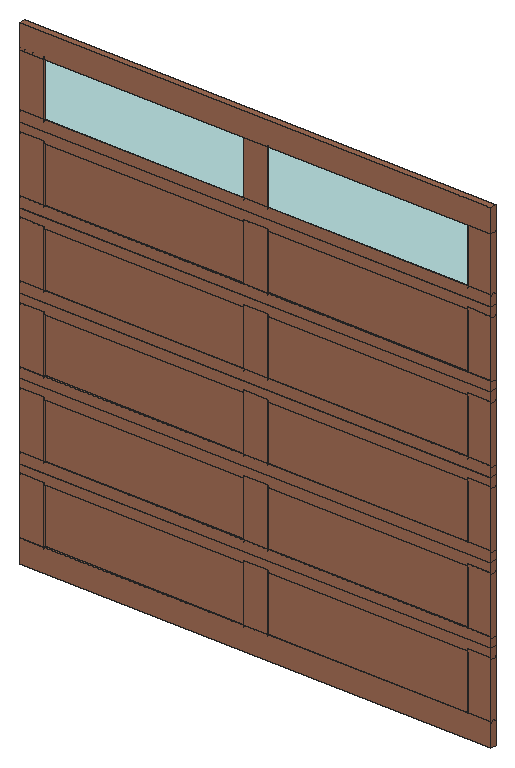
Revit family "GSNGL E 10P GT CRV", category Doors, host Wall, Revit 2013
Parameters
  Function = Interior
  Frame Projection Ext. = 25 mm
  Frame Projection Int. = 25 mm
  Frame Width = 75 mm
  Height = 2535 mm
  Wall Closure = By host
  Width = 2440 mm
Reference planes
  plane 1: y = 0
  plane 2 "Center (Left/Right)": x = 0
  plane 3 "Left": x = -1220
  plane 4 "Right": x = 1220
  plane 5: z = 2535
  plane 6 "Exterior": y = 75
  plane 7 "Interior": y = -75
  plane 8 "Garage Bottom": y = 75
  plane 9 "Garage Left": x = 1250
  plane 10 "Garage Right": x = -1250
  plane 11 "Garage Top": z = 2100
  plane 12: z = 476
  plane 13: z = 882
  plane 14: z = 1288
  plane 15: z = 1694
  plane 16: z = 2570
Forms (mm)
  Sweep 1, solid, material "Garage Wood"
    path origin (2744.172, 120, 2099.954) x (1, 0, 0) y (0, 1, 0)
      loop
        line (-3994.172, -225) -> (-1494.172, -225)
    profile "Van Acht 55.5x30 Garage Rail : Van Acht 55.5x30 Garage Rail" origin (0, -105, 2099.954) x (0, 1, 0) y (0, 0, 1)
      loop
        line (0, 0.046) -> (30, 0.046) -> (30, 46.546) -> (28, 46.546)
        arc (28, 46.546) -> (25.296, 51.527) -> (20, 53.546) r 8.162
        line (20, 53.546) -> (20, 55.546) -> (0, 55.546) -> (0, 0.046)
  Extrusion 2, solid, material "Garage Wood"
    sketch origin (0, 0, 400) x (0, -1, 0) y (0, 0, -1)
      loop
        line (105, -2045) -> (85, -2045) -> (85, -2047)
        arc (85, -2047) -> (79.704, -2049.019) -> (77, -2054) r 8.162
        line (77, -2054) -> (75, -2054) -> (75, -2170) -> (105, -2170) -> (105, -2045)
    from -1250 to 1250
  Extrusion 3, solid, material "Garage Glass"
    sketch origin (3947.972, -275, 1694) x (1, 0, 0) y (0, 1, 0)
      loop
        line (-5072.972, 175) -> (-4010.472, 175) -> (-4010.472, 185) -> (-5072.972, 185) -> (-5072.972, 175)
      loop
        line (-2822.972, 175) -> (-2822.972, 185) -> (-3885.472, 185) -> (-3885.472, 175) -> (-2822.972, 175)
    from 461.5 to 751
  Sweep 4, solid, material "Garage Wood"
    path origin (2744.172, 120, 1287.954) x (1, 0, 0) y (0, 1, 0)
      loop
        line (-3994.172, -225) -> (-1494.172, -225)
    profile "Van Acht 55.5x30 Garage Rail : Van Acht 55.5x30 Garage Rail" origin (0, -105, 1287.954) x (0, 1, 0) y (0, 0, 1)
      loop
        line (0, 0.046) -> (30, 0.046) -> (30, 46.546) -> (28, 46.546)
        arc (28, 46.546) -> (25.296, 51.527) -> (20, 53.546) r 8.162
        line (20, 53.546) -> (20, 55.546) -> (0, 55.546) -> (0, 0.046)
  Extrusion 5, solid, material "Garage Wood"
    sketch origin (0, 0, 0) x (0, -1, 0) y (0, 0, -1)
      loop
        line (105, -1694.046) -> (105, -1638.546) -> (85, -1638.546) -> (85, -1640.546)
        arc (85, -1640.546) -> (79.704, -1642.565) -> (77, -1647.546) r 8.162
        line (77, -1647.546) -> (75, -1647.546) -> (75, -1694.046) -> (105, -1694.046)
    from -1250 to 1250
  Sweep 6, solid, material "Garage Wood"
    path origin (2744.172, 120, 881.954) x (1, 0, 0) y (0, 1, 0)
      loop
        line (-3994.172, -225) -> (-1494.172, -225)
    profile "Van Acht 55.5x30 Garage Rail : Van Acht 55.5x30 Garage Rail" origin (0, -105, 881.954) x (0, 1, 0) y (0, 0, 1)
      loop
        line (0, 0.046) -> (30, 0.046) -> (30, 46.546) -> (28, 46.546)
        arc (28, 46.546) -> (25.296, 51.527) -> (20, 53.546) r 8.162
        line (20, 53.546) -> (20, 55.546) -> (0, 55.546) -> (0, 0.046)
  Extrusion 7, solid, material "Garage Wood"
    sketch origin (0, 0, -406) x (0, -1, 0) y (0, 0, -1)
      loop
        line (105, -1694.046) -> (105, -1638.546) -> (85, -1638.546) -> (85, -1640.546)
        arc (85, -1640.546) -> (79.704, -1642.565) -> (77, -1647.546) r 8.162
        line (77, -1647.546) -> (75, -1647.546) -> (75, -1694.046) -> (105, -1694.046)
    from -1250 to 1250
  Sweep 8, solid, material "Garage Wood"
    path origin (2744.172, 120, 475.954) x (1, 0, 0) y (0, 1, 0)
      loop
        line (-3994.172, -225) -> (-1494.172, -225)
    profile "Van Acht 55.5x30 Garage Rail : Van Acht 55.5x30 Garage Rail" origin (0, -105, 475.954) x (0, 1, 0) y (0, 0, 1)
      loop
        line (0, 0.046) -> (30, 0.046) -> (30, 46.546) -> (28, 46.546)
        arc (28, 46.546) -> (25.296, 51.527) -> (20, 53.546) r 8.162
        line (20, 53.546) -> (20, 55.546) -> (0, 55.546) -> (0, 0.046)
  Extrusion 9, solid, material "Garage Wood"
    sketch origin (0, 0, -812) x (0, -1, 0) y (0, 0, -1)
      loop
        line (105, -1694.046) -> (105, -1638.546) -> (85, -1638.546) -> (85, -1640.546)
        arc (85, -1640.546) -> (79.704, -1642.565) -> (77, -1647.546) r 8.162
        line (77, -1647.546) -> (75, -1647.546) -> (75, -1694.046) -> (105, -1694.046)
    from -1250 to 1250
  Extrusion 10, solid, material "Garage Wood"
    sketch origin (0, 0, -1218) x (0, -1, 0) y (0, 0, -1)
      loop
        line (105, -1694.046) -> (105, -1638.546) -> (85, -1638.546) -> (85, -1640.546)
        arc (85, -1640.546) -> (79.704, -1642.565) -> (77, -1647.546) r 8.162
        line (77, -1647.546) -> (75, -1647.546) -> (75, -1694.046) -> (105, -1694.046)
    from -1250 to 1250
  Extrusion 11, solid, material "Garage Wood"
    sketch origin (0, 0, 2169.454) x (0, -1, 0) y (0, 0, -1)
      loop
        line (105, 2045) -> (105, 2169.454) -> (75, 2169.454) -> (75, 2053.454) -> (77.097, 2053.454)
        arc (77.097, 2053.454) -> (79.86, 2048.739) -> (84.988, 2046.852) r 8.098
        line (84.988, 2046.852) -> (84.988, 2045) -> (105, 2045)
    from -1250 to 1250
  Extrusion 12, solid, material "Garage Wood"
    sketch origin (3964.172, 300, 2085) x (1, 0, 0) y (0, 1, 0)
      loop
        arc (-5091.172, -385) -> (-5093.191, -379.704) -> (-5098.172, -377) r 8.162
        line (-5098.172, -377) -> (-5098.172, -375) -> (-5214.172, -375) -> (-5214.172, -405) -> (-5089.172, -405) -> (-5089.172, -385) -> (-5091.172, -385)
      loop
        line (-2837.172, -385) -> (-2839.172, -385) -> (-2839.172, -405) -> (-2714.172, -405) -> (-2714.172, -375) -> (-2830.172, -375) -> (-2830.172, -377)
        arc (-2830.172, -377) -> (-2835.153, -379.704) -> (-2837.172, -385) r 8.162
      loop
        arc (-3903.672, -385) -> (-3905.691, -379.704) -> (-3910.672, -377) r 8.162
        line (-3910.672, -377) -> (-3910.672, -375) -> (-4017.672, -375) -> (-4017.672, -377)
        arc (-4017.672, -377) -> (-4022.653, -379.704) -> (-4024.672, -385) r 8.162
        line (-4024.672, -385) -> (-4026.672, -385) -> (-4026.672, -405) -> (-3901.672, -405) -> (-3901.672, -385) -> (-3903.672, -385)
    from 61.5 to 369
  Extrusion 13, solid, material "Garage Wood"
    sketch origin (3947.972, -275, 69.546) x (1, 0, 0) y (0, 1, 0)
      loop
        line (-5072.972, 175) -> (-4010.472, 175) -> (-4010.472, 185) -> (-5072.972, 185) -> (-5072.972, 175)
      loop
        line (-2822.972, 175) -> (-2822.972, 185) -> (-3885.472, 185) -> (-3885.472, 175) -> (-2822.972, 175)
    from 54.909 to 351
  Extrusion 14, solid, material "Garage Wood"
    sketch origin (3964.172, 300, 60.546) x (1, 0, 0) y (0, 1, 0)
      loop
        arc (-5091.172, -385) -> (-5093.191, -379.704) -> (-5098.172, -377) r 8.162
        line (-5098.172, -377) -> (-5098.172, -375) -> (-5214.172, -375) -> (-5214.172, -405) -> (-5089.172, -405) -> (-5089.172, -385) -> (-5091.172, -385)
      loop
        line (-2837.172, -385) -> (-2839.172, -385) -> (-2839.172, -405) -> (-2714.172, -405) -> (-2714.172, -375) -> (-2830.172, -375) -> (-2830.172, -377)
        arc (-2830.172, -377) -> (-2835.153, -379.704) -> (-2837.172, -385) r 8.162
      loop
        arc (-3903.672, -385) -> (-3905.691, -379.704) -> (-3910.672, -377) r 8.162
        line (-3910.672, -377) -> (-3910.672, -375) -> (-4017.672, -375) -> (-4017.672, -377)
        arc (-4017.672, -377) -> (-4022.653, -379.704) -> (-4024.672, -385) r 8.162
        line (-4024.672, -385) -> (-4026.672, -385) -> (-4026.672, -405) -> (-3901.672, -405) -> (-3901.672, -385) -> (-3903.672, -385)
    from 55.546 to 369
  Extrusion 15, solid, material "Garage Wood"
    sketch origin (3947.972, -275, 475.546) x (1, 0, 0) y (0, 1, 0)
      loop
        line (-5072.972, 175) -> (-4010.472, 175) -> (-4010.472, 185) -> (-5072.972, 185) -> (-5072.972, 175)
      loop
        line (-2822.972, 175) -> (-2822.972, 185) -> (-3885.472, 185) -> (-3885.472, 175) -> (-2822.972, 175)
    from 55.954 to 351
  Extrusion 16, solid, material "Garage Wood"
    sketch origin (3964.172, 300, 466.546) x (1, 0, 0) y (0, 1, 0)
      loop
        arc (-5091.172, -385) -> (-5093.191, -379.704) -> (-5098.172, -377) r 8.162
        line (-5098.172, -377) -> (-5098.172, -375) -> (-5214.172, -375) -> (-5214.172, -405) -> (-5089.172, -405) -> (-5089.172, -385) -> (-5091.172, -385)
      loop
        line (-2837.172, -385) -> (-2839.172, -385) -> (-2839.172, -405) -> (-2714.172, -405) -> (-2714.172, -375) -> (-2830.172, -375) -> (-2830.172, -377)
        arc (-2830.172, -377) -> (-2835.153, -379.704) -> (-2837.172, -385) r 8.162
      loop
        arc (-3903.672, -385) -> (-3905.691, -379.704) -> (-3910.672, -377) r 8.162
        line (-3910.672, -377) -> (-3910.672, -375) -> (-4017.672, -375) -> (-4017.672, -377)
        arc (-4017.672, -377) -> (-4022.653, -379.704) -> (-4024.672, -385) r 8.162
        line (-4024.672, -385) -> (-4026.672, -385) -> (-4026.672, -405) -> (-3901.672, -405) -> (-3901.672, -385) -> (-3903.672, -385)
    from 55.954 to 369
  Extrusion 17, solid, material "Garage Wood"
    sketch origin (3947.972, -275, 881.546) x (1, 0, 0) y (0, 1, 0)
      loop
        line (-5072.972, 175) -> (-4010.472, 175) -> (-4010.472, 185) -> (-5072.972, 185) -> (-5072.972, 175)
      loop
        line (-2822.972, 175) -> (-2822.972, 185) -> (-3885.472, 185) -> (-3885.472, 175) -> (-2822.972, 175)
    from 55.954 to 351
  Extrusion 18, solid, material "Garage Wood"
    sketch origin (3964.172, 300, 872.546) x (1, 0, 0) y (0, 1, 0)
      loop
        arc (-5091.172, -385) -> (-5093.191, -379.704) -> (-5098.172, -377) r 8.162
        line (-5098.172, -377) -> (-5098.172, -375) -> (-5214.172, -375) -> (-5214.172, -405) -> (-5089.172, -405) -> (-5089.172, -385) -> (-5091.172, -385)
      loop
        line (-2837.172, -385) -> (-2839.172, -385) -> (-2839.172, -405) -> (-2714.172, -405) -> (-2714.172, -375) -> (-2830.172, -375) -> (-2830.172, -377)
        arc (-2830.172, -377) -> (-2835.153, -379.704) -> (-2837.172, -385) r 8.162
      loop
        arc (-3903.672, -385) -> (-3905.691, -379.704) -> (-3910.672, -377) r 8.162
        line (-3910.672, -377) -> (-3910.672, -375) -> (-4017.672, -375) -> (-4017.672, -377)
        arc (-4017.672, -377) -> (-4022.653, -379.704) -> (-4024.672, -385) r 8.162
        line (-4024.672, -385) -> (-4026.672, -385) -> (-4026.672, -405) -> (-3901.672, -405) -> (-3901.672, -385) -> (-3903.672, -385)
    from 55.954 to 369
  Extrusion 19, solid, material "Garage Wood"
    sketch origin (3947.972, -275, 1287.546) x (1, 0, 0) y (0, 1, 0)
      loop
        line (-5072.972, 175) -> (-4010.472, 175) -> (-4010.472, 185) -> (-5072.972, 185) -> (-5072.972, 175)
      loop
        line (-2822.972, 175) -> (-2822.972, 185) -> (-3885.472, 185) -> (-3885.472, 175) -> (-2822.972, 175)
    from 55.954 to 351
  Extrusion 20, solid, material "Garage Wood"
    sketch origin (3964.172, 300, 1278.546) x (1, 0, 0) y (0, 1, 0)
      loop
        arc (-5091.172, -385) -> (-5093.191, -379.704) -> (-5098.172, -377) r 8.162
        line (-5098.172, -377) -> (-5098.172, -375) -> (-5214.172, -375) -> (-5214.172, -405) -> (-5089.172, -405) -> (-5089.172, -385) -> (-5091.172, -385)
      loop
        line (-2837.172, -385) -> (-2839.172, -385) -> (-2839.172, -405) -> (-2714.172, -405) -> (-2714.172, -375) -> (-2830.172, -375) -> (-2830.172, -377)
        arc (-2830.172, -377) -> (-2835.153, -379.704) -> (-2837.172, -385) r 8.162
      loop
        arc (-3903.672, -385) -> (-3905.691, -379.704) -> (-3910.672, -377) r 8.162
        line (-3910.672, -377) -> (-3910.672, -375) -> (-4017.672, -375) -> (-4017.672, -377)
        arc (-4017.672, -377) -> (-4022.653, -379.704) -> (-4024.672, -385) r 8.162
        line (-4024.672, -385) -> (-4026.672, -385) -> (-4026.672, -405) -> (-3901.672, -405) -> (-3901.672, -385) -> (-3903.672, -385)
    from 55.954 to 369
  Sweep 21, solid, material "Garage Wood"
    path origin (2744.172, 120, 1693.909) x (1, 0, 0) y (0, 1, 0)
      loop
        line (-3994.172, -225) -> (-1494.172, -225)
    profile "Van Acht 55.5x30 Garage Rail : Van Acht 55.5x30 Garage Rail" origin (0, -105, 1693.909) x (0, 1, 0) y (0, 0, 1)
      loop
        line (0, 0.046) -> (30, 0.046) -> (30, 46.546) -> (28, 46.546)
        arc (28, 46.546) -> (25.296, 51.527) -> (20, 53.546) r 8.162
        line (20, 53.546) -> (20, 55.546) -> (0, 55.546) -> (0, 0.046)
  Extrusion 22, solid, material "Garage Wood"
    sketch origin (0, 0, 405.954) x (0, -1, 0) y (0, 0, -1)
      loop
        line (105, -1694.046) -> (105, -1638.546) -> (85, -1638.546) -> (85, -1640.546)
        arc (85, -1640.546) -> (79.704, -1642.565) -> (77, -1647.546) r 8.162
        line (77, -1647.546) -> (75, -1647.546) -> (75, -1694.046) -> (105, -1694.046)
    from -1250 to 1250
  Extrusion 23, solid, material "Garage Wood"
    sketch origin (3947.972, -275, 1693.5) x (1, 0, 0) y (0, 1, 0)
      loop
        line (-5072.972, 175) -> (-4010.472, 175) -> (-4010.472, 185) -> (-5072.972, 185) -> (-5072.972, 175)
      loop
        line (-2822.972, 175) -> (-2822.972, 185) -> (-3885.472, 185) -> (-3885.472, 175) -> (-2822.972, 175)
    from 55.954 to 351
  Extrusion 24, solid, material "Garage Wood"
    sketch origin (3964.172, 300, 1684.5) x (1, 0, 0) y (0, 1, 0)
      loop
        arc (-5091.172, -385) -> (-5093.191, -379.704) -> (-5098.172, -377) r 8.162
        line (-5098.172, -377) -> (-5098.172, -375) -> (-5214.172, -375) -> (-5214.172, -405) -> (-5089.172, -405) -> (-5089.172, -385) -> (-5091.172, -385)
      loop
        line (-2837.172, -385) -> (-2839.172, -385) -> (-2839.172, -405) -> (-2714.172, -405) -> (-2714.172, -375) -> (-2830.172, -375) -> (-2830.172, -377)
        arc (-2830.172, -377) -> (-2835.153, -379.704) -> (-2837.172, -385) r 8.162
      loop
        arc (-3903.672, -385) -> (-3905.691, -379.704) -> (-3910.672, -377) r 8.162
        line (-3910.672, -377) -> (-3910.672, -375) -> (-4017.672, -375) -> (-4017.672, -377)
        arc (-4017.672, -377) -> (-4022.653, -379.704) -> (-4024.672, -385) r 8.162
        line (-4024.672, -385) -> (-4026.672, -385) -> (-4026.672, -405) -> (-3901.672, -405) -> (-3901.672, -385) -> (-3903.672, -385)
    from 55.954 to 369
Lines and regions (mm)
  Opening 1
    outline origin (-3050, -75, 0) x (1, 0, 0) y (0, 0, 1)
      loop
        line (1830, 0) -> (4270, 0) -> (4270, 2535) -> (1830, 2535) -> (1830, 0)
  symbolic lines, style "Elevation Swing"
    curve 1: line (-1250, -105, 1694) -> (-1250, -2275, 1694)
    curve 2: line (-1250, -2275, 1694) -> (1250, -2275, 1694)
    curve 3: line (1250, -2275, 1694) -> (1250, -105, 1694)
Text (mm)
  text "Exterior" at (-2295.016, 1099.543, 0), in view "Ref. Level"
  text "Exterior" at (0, 1615.38, 3698.081), in view "Left"
  text "Exterior" at (0, 1036.032, 3874.932), in view "Right"
Dimensions and locks
  equal spacing: plane 3 "Left", plane 2 "Center (Left/Right)", plane 4 "Right"
  "Width": plane 3 "Left" to plane 4 "Right"
  "Height": plane 5 to host wall
  host wall to plane 5 = 2535 mm  (x2)
  locked: plane 6 "Exterior" to host wall at 0
  locked: plane 7 "Interior" to host wall
  plane 3 "Left" to plane 4 "Right" = 2440 mm
  plane 10 "Garage Right" to plane 9 "Garage Left" = 2500 mm
  plane 11 "Garage Top" to plane 15 to plane 14 to plane 13 to plane 12 to level = 406 mm, 406 mm, 406 mm, 406 mm, 476 mm
  plane 16 to plane 11 "Garage Top" = 470 mm
  aligned and locked: plane 3 "Left" to Opening 1 sketch curve
  aligned and locked: plane 5 to Opening 1 sketch curve  (x2)
  aligned and locked: Opening 1 sketch curve to plane 4 "Right"
  aligned and locked: Opening 1 sketch curve to level
  aligned and locked: host wall to plane 1
  aligned and locked: Extrusion 10 to plane 10 "Garage Right"
  aligned and locked: Extrusion 9 to plane 10 "Garage Right"
  aligned and locked: Extrusion 7 to plane 10 "Garage Right"
  aligned and locked: Extrusion 5 to plane 10 "Garage Right"
  aligned and locked: Extrusion 2 to plane 10 "Garage Right"
  aligned and locked: Extrusion 11 to plane 10 "Garage Right"
  aligned and locked: Extrusion 11 to plane 9 "Garage Left"
  aligned and locked: Extrusion 2 to plane 9 "Garage Left"
  aligned and locked: Extrusion 5 to plane 9 "Garage Left"
  aligned and locked: Extrusion 9 to plane 9 "Garage Left"
  aligned and locked: Extrusion 10 to plane 9 "Garage Left"
  aligned and locked: Extrusion 7 to plane 9 "Garage Left"
  aligned and locked: Extrusion 12 to Extrusion 2
  aligned and locked: Extrusion 3 to Extrusion 12  (x4)
  aligned and locked: Extrusion 3 to Extrusion 2
  aligned and locked: Extrusion 3 to Sweep 1
  aligned and locked: Extrusion 13 to Extrusion 14  (x4)
  aligned and locked: Extrusion 15 to Extrusion 16  (x4)
  aligned and locked: Extrusion 15 to Sweep 8
  aligned and locked: Extrusion 16 to Extrusion 9
  aligned and locked: Extrusion 16 to Sweep 8
  aligned and locked: Extrusion 15 to Extrusion 9
  aligned and locked: Extrusion 17 to Extrusion 18  (x4)
  aligned and locked: Extrusion 19 to Extrusion 20  (x4)
  aligned and locked: Extrusion 23 to Extrusion 24  (x4)
Automatic sketch dimensions
  Sweep 1 sketch curve to plane 10 "Garage Right" = 0 mm
  Sweep 1 sketch curve to plane 9 "Garage Left" = 0 mm
  plane 7 "Interior" to Sweep 1 sketch curve = 30 mm
  Extrusion 2 sketch curve to host wall = 0 mm
  Extrusion 2 sketch curve to host wall = 10 mm
  Extrusion 2 sketch curve to plane 5 = 90 mm
  Extrusion 2 sketch curve to Extrusion 2 sketch curve = 2 mm  (x2)
  Extrusion 2 sketch curve to Extrusion 2 sketch curve = 20 mm
  Extrusion 2 sketch curve to Extrusion 2 sketch curve = 8.079 mm
  Extrusion 2 sketch curve to Extrusion 2 sketch curve = 7 mm
  plane 5 to Extrusion 2 sketch curve = 35 mm
  host wall to Extrusion 3 sketch curve = 25 mm  (x2)
  Extrusion 3 sketch curve to plane 3 "Left" = 95 mm
  Extrusion 3 sketch curve to plane 2 "Center (Left/Right)" = 62.5 mm
  plane 2 "Center (Left/Right)" to Extrusion 3 sketch curve = 62.5 mm
  plane 4 "Right" to Extrusion 3 sketch curve = 95 mm
  Extrusion 3 sketch curve to Extrusion 3 sketch curve = 10 mm  (x2)
  Sweep 4 sketch curve to plane 10 "Garage Right" = 0 mm
  Sweep 4 sketch curve to plane 9 "Garage Left" = 0 mm
  plane 7 "Interior" to Sweep 4 sketch curve = 30 mm
  Extrusion 5 sketch curve to host wall = 0 mm
  Extrusion 5 sketch curve to host wall = 10 mm
  plane 15 to Extrusion 5 sketch curve = 55.454 mm
  Extrusion 5 sketch curve to host wall = 2 mm
  Extrusion 5 sketch curve to plane 15 = 0.046 mm
  Extrusion 5 sketch curve to host wall = 30 mm
  Extrusion 5 sketch curve to Extrusion 5 sketch curve = 0.079 mm
  Extrusion 5 sketch curve to Extrusion 5 sketch curve = 2 mm
  Extrusion 5 sketch curve to Extrusion 5 sketch curve = 7 mm
  Sweep 6 sketch curve to plane 10 "Garage Right" = 0 mm
  Sweep 6 sketch curve to plane 9 "Garage Left" = 0 mm
  plane 7 "Interior" to Sweep 6 sketch curve = 30 mm
  Extrusion 7 sketch curve to host wall = 0 mm
  Extrusion 7 sketch curve to host wall = 10 mm
  plane 14 to Extrusion 7 sketch curve = 55.454 mm
  Extrusion 7 sketch curve to host wall = 2 mm
  Extrusion 7 sketch curve to plane 14 = 0.046 mm
  Extrusion 7 sketch curve to host wall = 30 mm
  Extrusion 7 sketch curve to Extrusion 7 sketch curve = 0.079 mm
  Extrusion 7 sketch curve to Extrusion 7 sketch curve = 2 mm
  Extrusion 7 sketch curve to Extrusion 7 sketch curve = 7 mm
  Sweep 8 sketch curve to plane 10 "Garage Right" = 0 mm
  Sweep 8 sketch curve to plane 9 "Garage Left" = 0 mm
  plane 7 "Interior" to Sweep 8 sketch curve = 30 mm
  Extrusion 9 sketch curve to host wall = 0 mm
  Extrusion 9 sketch curve to host wall = 10 mm
  plane 13 to Extrusion 9 sketch curve = 55.454 mm
  Extrusion 9 sketch curve to host wall = 2 mm
  Extrusion 9 sketch curve to plane 13 = 0.046 mm
  Extrusion 9 sketch curve to host wall = 30 mm
  Extrusion 9 sketch curve to Extrusion 9 sketch curve = 0.079 mm
  Extrusion 9 sketch curve to Extrusion 9 sketch curve = 2 mm
  Extrusion 9 sketch curve to Extrusion 9 sketch curve = 7 mm
  Extrusion 10 sketch curve to host wall = 0 mm
  Extrusion 10 sketch curve to host wall = 10 mm
  plane 12 to Extrusion 10 sketch curve = 55.454 mm
  Extrusion 10 sketch curve to host wall = 2 mm
  Extrusion 10 sketch curve to plane 12 = 0.046 mm
  Extrusion 10 sketch curve to host wall = 30 mm
  Extrusion 10 sketch curve to Extrusion 10 sketch curve = 0.079 mm
  Extrusion 10 sketch curve to Extrusion 10 sketch curve = 2 mm
  Extrusion 10 sketch curve to Extrusion 10 sketch curve = 7 mm
  Extrusion 11 sketch curve to host wall = 0 mm
  Extrusion 11 sketch curve to level = 0 mm
  host wall to Extrusion 11 sketch curve = 9.988 mm
  level to Extrusion 11 sketch curve = 124.454 mm
  Extrusion 11 sketch curve to Extrusion 11 sketch curve = 2.097 mm
  Extrusion 11 sketch curve to Extrusion 11 sketch curve = 20.012 mm
  Extrusion 11 sketch curve to Extrusion 11 sketch curve = 0.068 mm
  Extrusion 11 sketch curve to Extrusion 11 sketch curve = 1.852 mm
  Extrusion 11 sketch curve to Extrusion 11 sketch curve = 6.602 mm
  curve 1 to plane 10 "Garage Right" = 0 mm
  curve 2 to plane 9 "Garage Left" = 0 mm
  host wall to curve 1 = 2200 mm
  host wall to curve 3 = 30 mm
  host wall to curve 1 = 30 mm
  Extrusion 12 sketch curve to plane 10 "Garage Right" = 0 mm
  host wall to Extrusion 12 sketch curve = 0 mm  (x3)
  Extrusion 12 sketch curve to plane 9 "Garage Left" = 0 mm
  host wall to Extrusion 12 sketch curve = 30 mm  (x3)
  Extrusion 12 sketch curve to plane 3 "Left" = 86 mm
  Extrusion 12 sketch curve to Extrusion 12 sketch curve = 7 mm  (x4)
  Extrusion 12 sketch curve to Extrusion 12 sketch curve = 2 mm  (x5)
  Extrusion 12 sketch curve to plane 2 "Center (Left/Right)" = 62.5 mm
  host wall to Extrusion 12 sketch curve = 2 mm  (x3)
  plane 2 "Center (Left/Right)" to Extrusion 12 sketch curve = 53.5 mm
  host wall to Extrusion 12 sketch curve = 10 mm  (x4)
  plane 4 "Right" to Extrusion 12 sketch curve = 95 mm
  Extrusion 12 sketch curve to Extrusion 12 sketch curve = 1.161 mm  (x3)
  Extrusion 12 sketch curve to Extrusion 12 sketch curve = 8.161 mm
  host wall to Extrusion 13 sketch curve = 25 mm  (x2)
  Extrusion 13 sketch curve to plane 3 "Left" = 95 mm
  Extrusion 13 sketch curve to plane 2 "Center (Left/Right)" = 62.5 mm
  plane 2 "Center (Left/Right)" to Extrusion 13 sketch curve = 62.5 mm
  plane 4 "Right" to Extrusion 13 sketch curve = 95 mm
  Extrusion 13 sketch curve to Extrusion 13 sketch curve = 10 mm  (x2)
  Extrusion 14 sketch curve to plane 10 "Garage Right" = 0 mm
  host wall to Extrusion 14 sketch curve = 0 mm  (x3)
  Extrusion 14 sketch curve to plane 9 "Garage Left" = 0 mm
  host wall to Extrusion 14 sketch curve = 30 mm  (x3)
  Extrusion 14 sketch curve to plane 3 "Left" = 86 mm
  Extrusion 14 sketch curve to Extrusion 14 sketch curve = 7 mm  (x4)
  Extrusion 14 sketch curve to Extrusion 14 sketch curve = 2 mm  (x5)
  Extrusion 14 sketch curve to plane 2 "Center (Left/Right)" = 62.5 mm
  host wall to Extrusion 14 sketch curve = 2 mm  (x3)
  plane 2 "Center (Left/Right)" to Extrusion 14 sketch curve = 53.5 mm
  host wall to Extrusion 14 sketch curve = 10 mm  (x4)
  plane 4 "Right" to Extrusion 14 sketch curve = 95 mm
  Extrusion 14 sketch curve to Extrusion 14 sketch curve = 1.161 mm  (x3)
  Extrusion 14 sketch curve to Extrusion 14 sketch curve = 8.161 mm
  host wall to Extrusion 15 sketch curve = 25 mm  (x2)
  Extrusion 15 sketch curve to plane 3 "Left" = 95 mm
  Extrusion 15 sketch curve to plane 2 "Center (Left/Right)" = 62.5 mm
  plane 2 "Center (Left/Right)" to Extrusion 15 sketch curve = 62.5 mm
  plane 4 "Right" to Extrusion 15 sketch curve = 95 mm
  Extrusion 15 sketch curve to Extrusion 15 sketch curve = 10 mm  (x2)
  Extrusion 16 sketch curve to plane 10 "Garage Right" = 0 mm
  host wall to Extrusion 16 sketch curve = 0 mm  (x3)
  Extrusion 16 sketch curve to plane 9 "Garage Left" = 0 mm
  host wall to Extrusion 16 sketch curve = 30 mm  (x3)
  Extrusion 16 sketch curve to plane 3 "Left" = 86 mm
  Extrusion 16 sketch curve to Extrusion 16 sketch curve = 7 mm  (x4)
  Extrusion 16 sketch curve to Extrusion 16 sketch curve = 2 mm  (x5)
  Extrusion 16 sketch curve to plane 2 "Center (Left/Right)" = 62.5 mm
  host wall to Extrusion 16 sketch curve = 2 mm  (x3)
  plane 2 "Center (Left/Right)" to Extrusion 16 sketch curve = 53.5 mm
  host wall to Extrusion 16 sketch curve = 10 mm  (x4)
  plane 4 "Right" to Extrusion 16 sketch curve = 95 mm
  Extrusion 16 sketch curve to Extrusion 16 sketch curve = 1.161 mm  (x3)
  Extrusion 16 sketch curve to Extrusion 16 sketch curve = 8.161 mm
  host wall to Extrusion 17 sketch curve = 25 mm  (x2)
  Extrusion 17 sketch curve to plane 3 "Left" = 95 mm
  Extrusion 17 sketch curve to plane 2 "Center (Left/Right)" = 62.5 mm
  plane 2 "Center (Left/Right)" to Extrusion 17 sketch curve = 62.5 mm
  plane 4 "Right" to Extrusion 17 sketch curve = 95 mm
  Extrusion 17 sketch curve to Extrusion 17 sketch curve = 10 mm  (x2)
  Extrusion 18 sketch curve to plane 10 "Garage Right" = 0 mm
  host wall to Extrusion 18 sketch curve = 0 mm  (x3)
  Extrusion 18 sketch curve to plane 9 "Garage Left" = 0 mm
  host wall to Extrusion 18 sketch curve = 30 mm  (x3)
  Extrusion 18 sketch curve to plane 3 "Left" = 86 mm
  Extrusion 18 sketch curve to Extrusion 18 sketch curve = 7 mm  (x4)
  Extrusion 18 sketch curve to Extrusion 18 sketch curve = 2 mm  (x5)
  Extrusion 18 sketch curve to plane 2 "Center (Left/Right)" = 62.5 mm
  host wall to Extrusion 18 sketch curve = 2 mm  (x3)
  plane 2 "Center (Left/Right)" to Extrusion 18 sketch curve = 53.5 mm
  host wall to Extrusion 18 sketch curve = 10 mm  (x4)
  plane 4 "Right" to Extrusion 18 sketch curve = 95 mm
  Extrusion 18 sketch curve to Extrusion 18 sketch curve = 1.161 mm  (x3)
  Extrusion 18 sketch curve to Extrusion 18 sketch curve = 8.161 mm
  host wall to Extrusion 19 sketch curve = 25 mm  (x2)
  Extrusion 19 sketch curve to plane 3 "Left" = 95 mm
  Extrusion 19 sketch curve to plane 2 "Center (Left/Right)" = 62.5 mm
  plane 2 "Center (Left/Right)" to Extrusion 19 sketch curve = 62.5 mm
  plane 4 "Right" to Extrusion 19 sketch curve = 95 mm
  Extrusion 19 sketch curve to Extrusion 19 sketch curve = 10 mm  (x2)
  Extrusion 20 sketch curve to plane 10 "Garage Right" = 0 mm
  host wall to Extrusion 20 sketch curve = 0 mm  (x3)
  Extrusion 20 sketch curve to plane 9 "Garage Left" = 0 mm
  host wall to Extrusion 20 sketch curve = 30 mm  (x3)
  Extrusion 20 sketch curve to plane 3 "Left" = 86 mm
  Extrusion 20 sketch curve to Extrusion 20 sketch curve = 7 mm  (x4)
  Extrusion 20 sketch curve to Extrusion 20 sketch curve = 2 mm  (x5)
  Extrusion 20 sketch curve to plane 2 "Center (Left/Right)" = 62.5 mm
  host wall to Extrusion 20 sketch curve = 2 mm  (x3)
  plane 2 "Center (Left/Right)" to Extrusion 20 sketch curve = 53.5 mm
  host wall to Extrusion 20 sketch curve = 10 mm  (x4)
  plane 4 "Right" to Extrusion 20 sketch curve = 95 mm
  Extrusion 20 sketch curve to Extrusion 20 sketch curve = 1.161 mm  (x3)
  Extrusion 20 sketch curve to Extrusion 20 sketch curve = 8.161 mm
  Sweep 21 sketch curve to plane 10 "Garage Right" = 0 mm
  Sweep 21 sketch curve to plane 9 "Garage Left" = 0 mm
  plane 7 "Interior" to Sweep 21 sketch curve = 30 mm
  Extrusion 22 sketch curve to host wall = 0 mm
  plane 11 "Garage Top" to Extrusion 22 sketch curve = 0 mm
  Extrusion 22 sketch curve to host wall = 10 mm
  Extrusion 22 sketch curve to plane 11 "Garage Top" = 55.5 mm
  Extrusion 22 sketch curve to host wall = 2 mm
  Extrusion 22 sketch curve to host wall = 30 mm
  Extrusion 22 sketch curve to Extrusion 22 sketch curve = 0.079 mm
  Extrusion 22 sketch curve to Extrusion 22 sketch curve = 2 mm
  Extrusion 22 sketch curve to Extrusion 22 sketch curve = 7 mm
  host wall to Extrusion 23 sketch curve = 25 mm  (x2)
  Extrusion 23 sketch curve to plane 3 "Left" = 95 mm
  Extrusion 23 sketch curve to plane 2 "Center (Left/Right)" = 62.5 mm
  plane 2 "Center (Left/Right)" to Extrusion 23 sketch curve = 62.5 mm
  plane 4 "Right" to Extrusion 23 sketch curve = 95 mm
  Extrusion 23 sketch curve to Extrusion 23 sketch curve = 10 mm  (x2)
  Extrusion 24 sketch curve to plane 10 "Garage Right" = 0 mm
  host wall to Extrusion 24 sketch curve = 0 mm  (x3)
  Extrusion 24 sketch curve to plane 9 "Garage Left" = 0 mm
  host wall to Extrusion 24 sketch curve = 30 mm  (x3)
  Extrusion 24 sketch curve to plane 3 "Left" = 86 mm
  Extrusion 24 sketch curve to Extrusion 24 sketch curve = 7 mm  (x4)
  Extrusion 24 sketch curve to Extrusion 24 sketch curve = 2 mm  (x5)
  Extrusion 24 sketch curve to plane 2 "Center (Left/Right)" = 62.5 mm
  host wall to Extrusion 24 sketch curve = 2 mm  (x3)
  plane 2 "Center (Left/Right)" to Extrusion 24 sketch curve = 53.5 mm
  host wall to Extrusion 24 sketch curve = 10 mm  (x4)
  plane 4 "Right" to Extrusion 24 sketch curve = 95 mm
  Extrusion 24 sketch curve to Extrusion 24 sketch curve = 1.161 mm  (x3)
  Extrusion 24 sketch curve to Extrusion 24 sketch curve = 8.161 mm
